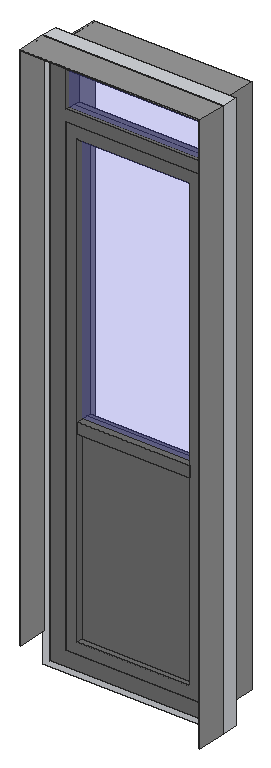
Revit family "AVLN_Балконный блок", category Окна, Revit 2021 (continued)
Definition of nested family "АС-Обозначение на плане двупольная"
  Lines and regions (mm)
    symbolic lines, visible <- "Линия открывания (дуга)", detail levels fine
      curve 4: arc (-960, 0, 0) -> (-696.396, 636.396, 0) -> (-60, 900, 0) r 900
    model lines
      curve 5: line (0, 0, 0) -> (0, 0, 2100)
  Dimensions and locks
    "Thickness": plane 1 "Center (Front/Back)" to plane 5 "Полотно. Внутренняя сторона"
    plane 1 "Center (Front/Back)" to plane 6 "Коробка. Внутренняя сторона" = 80 mm
    "Коробка.Толщина": plane 6 "Коробка. Внутренняя сторона" to plane 1 "Center (Front/Back)"
    "Rough Width": plane 7 "Коробка.Внутренняя сторона слева" to plane 8 "Коробка. Внутренняя сторона справа"
    "Width": curve 1 to curve 1
    "Width": plane 1 "Center (Front/Back)" to curve 2
    locked: Masking region 2 sketch curve to Masking region 2 sketch curve at 10
    "Rough Width": plane 1 "Center (Front/Back)" to Masking region 3 sketch curve
    "Thickness": Masking region 3 sketch curve to plane 8 "Коробка. Внутренняя сторона справа"
    "Rough Width": Masking region 4 sketch curve to Masking region 4 sketch curve
    "Thickness": Masking region 4 sketch curve to Masking region 4 sketch curve
    "Height": curve 5 to level
    "Монтажный зазор.Ширина сбоку": plane 4 "Полотно справа" to plane 3 "Center (Left/Right)"
    "Коробка.Ширина": plane 8 "Коробка. Внутренняя сторона справа" to plane 4 "Полотно справа"
    "Width": radius of curve 3
    "Rough Width": radius of curve 4
    locked: curve 1 to plane 1 "Center (Front/Back)" (angle 30.00°)
    locked: Masking region 4 sketch curve to plane 1 "Center (Front/Back)" (angle 30.00°)
    aligned and locked: level to plane 2
    aligned and locked: plane 1 "Center (Front/Back)" to curve 2
    aligned and locked: plane 6 "Коробка. Внутренняя сторона" to Masking region 1 sketch curve
    aligned and locked: plane 1 "Center (Front/Back)" to Masking region 1 sketch curve
    aligned and locked: plane 4 "Полотно справа" to Masking region 1 sketch curve
    aligned and locked: Masking region 2 sketch curve to plane 4 "Полотно справа"
    aligned and locked: Masking region 2 sketch curve to plane 8 "Коробка. Внутренняя сторона справа"
    aligned and locked: Masking region 2 sketch curve to plane 6 "Коробка. Внутренняя сторона"
    aligned and locked: Masking region 2 sketch curve to plane 5 "Полотно. Внутренняя сторона"
    aligned and locked: Masking region 2 sketch curve to plane 1 "Center (Front/Back)"
    aligned and locked: plane 8 "Коробка. Внутренняя сторона справа" to curve 4
    aligned and locked: Masking region 2 to Masking region 3 sketch curve
    aligned and locked: Masking region 3 sketch curve to Masking region 2
    aligned and locked: plane 8 "Коробка. Внутренняя сторона справа" to Masking region 4 sketch curve
    aligned and locked: plane 2 to curve 5
    aligned and locked: plane 3 "Center (Left/Right)" to curve 5
    aligned and locked: Masking region 1 sketch curve to plane 3 "Center (Left/Right)"
    aligned and locked: plane 3 "Center (Left/Right)" to curve 2
  Automatic sketch dimensions
    plane 1 "Center (Front/Back)" to Masking region 4 sketch curve = 0 mm
Definition of nested family "AVLN_Обозначение проема"
  Parameters (values of type "AVLN_Обозначение проема")
    Длина [instance] = 200 mm
    ADSK_Размер_Ширина [instance] = 1200 mm
    ADSK_Размер_Высота [instance] = 1800 mm
  Reference planes
    plane 1 "По центру (Вперед/Назад)": y = 0
    plane 2: z = 0
    plane 3 "По центру (Влево/Вправо)": x = 0
    plane 4: y = 900
    plane 5: y = -900
    plane 6: x = 600
    plane 7: x = -600
    plane 8: x = -400
    plane 9: y = 700
  Lines and regions (mm)
    Masking region 1, in view "Опорный уровень"
      outline origin (0, 0, 0) x (1, 0, 0) y (0, 1, 0)
        loop
          line (600, 900) -> (-400, 700) -> (-600, -900) -> (600, -900) -> (600, 900)
    Filled region 1, type "Сплошная заливка - Черный", in view "Опорный уровень"
      outline origin (0, 0, 0) x (1, 0, 0) y (0, 1, 0)
        loop
          line (600, 900) -> (-600, 900) -> (-600, -900) -> (-400, 700) -> (600, 900)
  Dimensions and locks
    equal spacing: plane 4, plane 1 "По центру (Вперед/Назад)", plane 5
    equal spacing: plane 7, plane 3 "По центру (Влево/Вправо)", plane 6
    "ADSK_Размер_Высота": plane 4 to plane 5
    "ADSK_Размер_Ширина": plane 7 to plane 6
    "Длина": plane 7 to plane 8
    "Длина": plane 4 to plane 9
    aligned and locked: plane 6 to Masking region 1 sketch curve
    aligned and locked: Masking region 1 sketch curve to plane 5
    aligned and locked: plane 4 to Filled region 1 sketch curve
    aligned and locked: Filled region 1 sketch curve to plane 7
    aligned and locked: plane 5 to Filled region 1 sketch curve
    aligned and locked: Masking region 1 sketch curve to Filled region 1  (x2)
    aligned and locked: plane 8 to Filled region 1 sketch curve
    aligned and locked: plane 9 to Filled region 1 sketch curve
  Automatic sketch dimensions
    Filled region 1 sketch curve to plane 6 = 0 mm
